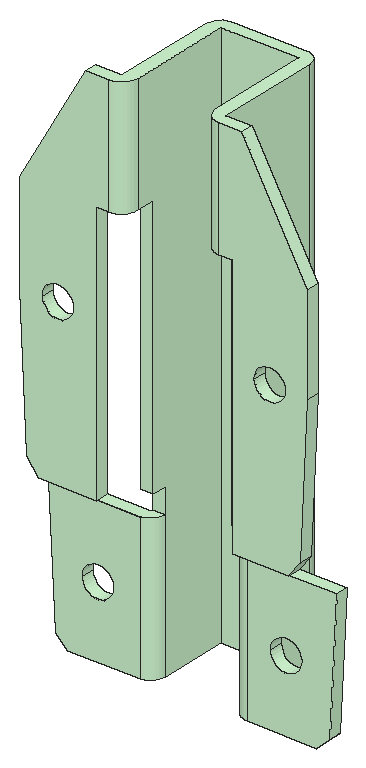
Revit family "channel-cap", category 機械設備, Revit 2022
Family settings
  丸型コネクタ寸法 = 直径を使用
  種別 = なし
  パーツ タイプ = 標準
  作業面ベース = いいえ
  常に垂直 = はい
  ロード時にボイドで切り取り = いいえ
  注釈の向きを維持 = いいえ
  共有 = いいえ
  部屋計算ポイント = いいえ
Parameters
  製造元 = "株式会社桐井製作所"
  既定の高さ = 0 mm
  URL = "https://www.kirii.co.jp/"
  K_品名 = "チャンネルキャップ"
  K_名称 = "圧縮補強材取付金具"
  K_バージョン情報 = "20220915"
Reference planes
  plane 1 "中心(正面/背面)": y = 0
  plane 2: z = 0
  plane 3 "中心(左/右)": x = 0
Forms (mm)
  Extrusion 1, solid
    sketch origin (0, 0, 0) x (1, 0, 0) y (0, 1, 0)
      loop
        line (-6.6, 1.6) -> (-18.3, 1.6) -> (-18.3, 0) -> (-6.6, 0)
        arc (-6.6, 0) -> (-5.451, 0.735) -> (-5, 2) r 2
        line (-5, 2) -> (-5, 10.7) -> (5, 10.7) -> (5, 2)
        arc (5, 2) -> (5.586, 0.586) -> (7, 0) r 2
        line (7, 0) -> (18.3, 0) -> (18.3, 1.6) -> (6.6, 1.6) -> (6.6, 10.3)
        arc (6.6, 10.3) -> (6.014, 11.714) -> (4.6, 12.3) r 2
        line (4.6, 12.3) -> (-4.6, 12.3)
        arc (-4.6, 12.3) -> (-6.014, 11.714) -> (-6.6, 10.3) r 2
        line (-6.6, 10.3) -> (-6.6, 1.6)
    from -37.5 to 32.5
  Extrusion 2, void
    sketch origin (0, 0, 0) x (1, 0, 0) y (0, 0, 1)
      loop
        line (-9.9, 32.5) -> (-18.3, 32.5) -> (-18.3, 17.5) -> (-9.9, 32.5)
    from 2.9 to 4.5
  Extrusion 3, void
    sketch origin (0, 0, 0) x (-1, 0, 0) y (0, 0, -1)
      loop
        line (-9.9, -32.5) -> (-18.3, -17.5) -> (-18.3, -32.5) -> (-9.9, -32.5)
    from 2.9 to 4.5
  Extrusion 4, void
    sketch origin (0, 0, 0) x (1, 0, 0) y (0, 0, 1)
      loop
        line (-18.3, 5) -> (-18.3, -15.9) -> (-15.875, -15.9) -> (-17.4, -13.9) -> (-18.3, 5)
    from 2.9 to 4.5
  Extrusion 5, void
    sketch origin (0, 0, 0) x (-1, 0, 0) y (0, 0, -1)
      loop
        line (-18.3, -5) -> (-17.4, 13.9) -> (-15.875, 15.9) -> (-18.3, 15.9) -> (-18.3, -5)
    from 2.9 to 4.5
  Extrusion 6, void
    sketch origin (0, 0, 0) x (1, 0, 0) y (0, 0, 1)
      loop
        circle (-13.45, 5) r 2
    from 2.9 to 4.5
  Extrusion 7, void
    sketch origin (26.9, 0, 0) x (1, 0, 0) y (0, 0, 1)
      loop
        circle (-13.45, 5) r 2
    from 2.9 to 4.5
  Extrusion 8, solid
    sketch origin (0, 0, 0) x (1, 0, 0) y (0, 1, 0)
      loop
        line (-6.6, -2.9) -> (-18.3, -2.9) -> (-18.3, -4.5) -> (-7, -4.5)
        arc (-7, -4.5) -> (-5.586, -3.914) -> (-5, -2.5) r 2
        line (-5, -2.5) -> (-5, 2) -> (-6.6, 2) -> (-6.6, -2.9)
      loop
        line (6.6, 2) -> (5, 2) -> (5, -2.5)
        arc (5, -2.5) -> (5.586, -3.914) -> (7, -4.5) r 2
        line (7, -4.5) -> (18.3, -4.5) -> (18.3, -2.9) -> (6.6, -2.9) -> (6.6, 2)
    from -15.9 to 32.5
  Extrusion 9, void
    sketch origin (0, 0, 0) x (1, 0, 0) y (0, 0, 1)
      loop
        line (-8.6, 17.5) -> (-8.6, -15.9) -> (-4.368, -15.9) -> (-4.368, 17.5) -> (-8.6, 17.5)
    from 0 to 4.5
  Extrusion 10, void
    sketch origin (0, 0, -21.6) x (1, 0, 0) y (0, 0, 1)
      loop
        line (-18.3, 2.5) -> (-18.3, -15.9) -> (-15.8, -15.9) -> (-17.382, -14.4) -> (-18.3, 2.5)
    from -1.6 to 0
  Extrusion 11, void
    sketch origin (0, 0, -21.6) x (-1, 0, 0) y (0, 0, -1)
      loop
        line (-18.3, -2.5) -> (-17.382, 14.4) -> (-15.8, 15.9) -> (-18.3, 15.9) -> (-18.3, -2.5)
    from -1.6 to 0
  Extrusion 12, void
    sketch origin (0, 0, 0) x (1, 0, 0) y (0, 0, 1)
      loop
        line (-18.3, 32.5) -> (-18.3, -15.9) -> (-6.6, -15.9) -> (-6.6, 32.5) -> (-18.3, 32.5)
      loop
        line (6.6, 32.5) -> (6.6, -15.9) -> (18.3, -15.9) -> (18.3, 32.5) -> (6.6, 32.5)
    from -1.6 to 0.614
  Extrusion 13, void
    sketch origin (0, 0, 0) x (1, 0, 0) y (0, 0, 1)
      loop
        line (-18.3, -15.9) -> (-18.3, -19.1) -> (-4.414, -19.1) -> (-4.414, -15.9) -> (-18.3, -15.9)
    from -2 to 0.614
  Extrusion 14, void
    sketch origin (0, 0, 0) x (-1, 0, 0) y (0, 0, -1)
      loop
        line (-18.3, 15.9) -> (-4.414, 15.9) -> (-4.414, 19.1) -> (-18.3, 19.1) -> (-18.3, 15.9)
    from -2 to 0.614
  Extrusion 15, void
    sketch origin (13.6, 0, 0) x (1, 0, 0) y (0, 0, 1)
      loop
        line (-9.186, 17.5) -> (-9.186, -15.9) -> (-4.913, -15.9) -> (-4.913, 17.5) -> (-9.186, 17.5)
    from 0 to 4.5
  Extrusion 16, void
    sketch origin (0, 0, 0) x (1, 0, 0) y (0, 0, 1)
      loop
        circle (-11.95, -28.3) r 2
    from -1.6 to 0
  Extrusion 17, void
    sketch origin (23.912, 0, 0) x (1, 0, 0) y (0, 0, 1)
      loop
        circle (-11.95, -28.3) r 2
    from -1.6 to 0
Cuts and joins
  Extrusion 2, Extrusion 3, Extrusion 4, Extrusion 5, Extrusion 6, Extrusion 7, Extrusion 9, Extrusion 10, Extrusion 11, Extrusion 12, Extrusion 13, Extrusion 14, Extrusion 15, Extrusion 16, Extrusion 17 cuts Extrusion 1
  Extrusion 2, Extrusion 3, Extrusion 4, Extrusion 5, Extrusion 6, Extrusion 7, Extrusion 9, Extrusion 10, Extrusion 12, Extrusion 14, Extrusion 15, Extrusion 16, Extrusion 17 cuts Extrusion 8
  joined: Extrusion 1, Extrusion 8
Dimensions and locks
  aligned and locked: level to plane 2
